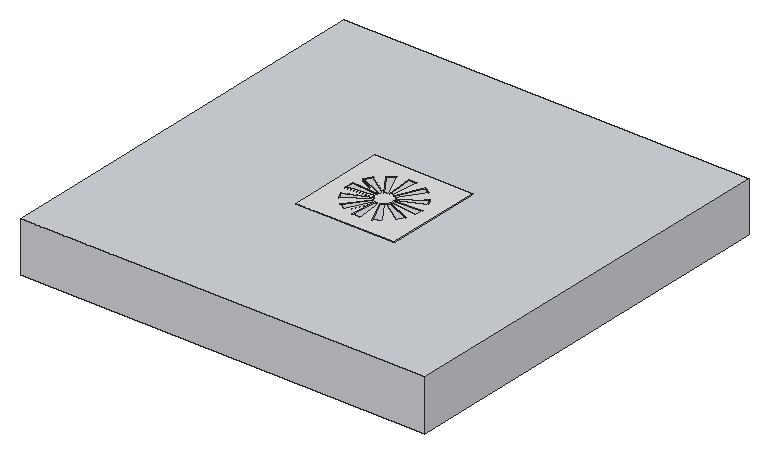
Revit family
Parameters (values of type "595*595_12")
  Width = 595.00 mm
  Void Radius = Blade Offset + 82.01 mm  # 132.26 mm
  URL = "http://www.productspec.net/products/29967/holyoake-industries/ceiling-radial-swirl-diffuser-cfp.aspx"
  Type Comments = "Ceiling Radial Swirl Diffuser"  # constant formula
  Square = yes
  Radius = 250.00 mm
  Face Thickness = 8.00 mm  # constant formula
  Model = "CFP 595*595 12 Blade"
  Manufacturer = "Holyoake Industries Ltd"  # constant formula
  Length = 595.00 mm
  Engineering Data = ""
  Diffuser [instance] = Aluminium - Holyoake
  Description = "Designed to provide high quality indoor air diffusion. Constructed with swirl deflection blades that produce a highly turbulent radial airflow pattern."  # constant formula
  Default Elevation = 0.00 mm
  Created By = "Productspec Ltd"  # constant formula
  Circular = not(Square)  # no
  Blade Offset = 50.25 mm
  Blade Number = 12
  Blade Notes [instance] = "Blades are only avaliable in white or black."  # constant formula
  Blade [instance] = Plastic - Holyoake - Black
  Author = "Zinder Zhao"  # constant formula
  Air Flow [instance] = 0 CFM
Types (10, lengths in mm): name | Width | Void Radius | Square | Radius | Model | Length | Circular | Blade Offset | Blade Number | Blade
  (no name) | 595.00 | 132.26 | yes | 250.00 | "CFP 595*595 12 Blade" | 595.00 | no | 50.25 | 12 | Plastic - Holyoake - Black
  595*595_24 | 595.00 | 192.51 | yes | 250.00 | "CFP 595*595 24 Blade" | 595.00 | no | 110.50 | 24 | Plastic - Holyoake - Black
  500 Diameter_8 | 500.00 | 114.51 | no | 250.00 | "CFP 500 Diameter 8 Blade" | 500.00 | yes | 32.50 | 8 | Plastic - Holyoake - White
  595*595_20 | 595.00 | 172.76 | yes | 250.00 | "CFP 595*595 20 Blade" | 595.00 | no | 90.75 | 20 | Plastic - Holyoake - White
  595*595_12 | 595.00 | 132.26 | yes | 250.00 | "CFP 595*595 12 Blade" | 595.00 | no | 50.25 | 12 | Plastic - Holyoake - Black
  495*495_12 | 495.00 | 132.01 | yes | 250.00 | "CFP 495*495 12 Blade" | 495.00 | no | 50.00 | 12 | Plastic - Holyoake - White
  495*495_8 | 495.00 | 114.51 | yes | 250.00 | "CFP 495*495 8 Blade" | 495.00 | no | 32.50 | 8 | Plastic - Holyoake - Black
  445*445_12 | 445.00 | 130.01 | yes | 250.00 | "CFP 445*445 12 Blade" | 445.00 | no | 48.00 | 12 | Plastic - Holyoake - White
  445*445_8 | 445.00 | 114.51 | yes | 250.00 | "CFP 445*445 8 Blade" | 445.00 | no | 32.50 | 8 | Plastic - Holyoake - Black
  615 Diameter_20 | 615.00 | 172.76 | no | 307.50 | "CFP 615 Diameter 20 Blade" | 615.00 | yes | 90.75 | 20 | Plastic - Holyoake - White
Reference planes
  plane 1 "Center (Front/Back)": y = 0
  plane 2: z = 0
  plane 3 "Center (Left/Right)": x = 0
  plane 4 "Right": x = 297.5
  plane 5 "Left": x = -297.5
  plane 6 "d": y = 297.5
  plane 7 "a": y = -297.5
  plane 8 "Back": z = -8
  plane 9 "c": y = 50.25
  plane 10 "b": y = -50.25
Forms (mm)
  Extrusion 1, solid
    sketch origin (0, 0, 0) x (1, 0, 0) y (0, 1, 0)
      loop
        line (-1219.2, 1219.2) -> (-1219.2, -1219.2) -> (1219.2, -1219.2) -> (1219.2, 1219.2) -> (-1219.2, 1219.2)
    from 0 to -304.8
  Extrusion 2, solid, material "Aluminium - Holyoake" <- "Diffuser", visible <- "Square"
    sketch origin (0, 0, 0) x (1, 0, 0) y (0, 1, 0)
      loop
        line (-297.5, 297.5) -> (-297.5, -297.5) -> (297.5, -297.5) -> (297.5, 297.5) -> (-297.5, 297.5)
    from -8 to 0
  Extrusion 3, solid, material "Aluminium - Holyoake" <- "Diffuser", visible <- "Circular"
    sketch origin (0, 0, 0) x (1, 0, 0) y (0, 1, 0)
      loop
        circle (0, 0) r 250
    from -8 to 0
  Extrusion 4, void
    sketch origin (0.023, 2.25, 0) x (1, 0, 0) y (0, 1, 0)
      loop
        line (26.169, 210) -> (-23.511, 210) -> (-9.546, 50) -> (12.545, 50) -> (26.169, 210)
    from -8 to 0
  Extrusion 5, void
    sketch origin (1.145, 1.937, 0) x (0.866025, -0.5, 0) y (0.5, 0.866025, 0)
      loop
        line (26.169, 210) -> (-23.511, 210) -> (-9.546, 50) -> (12.545, 50) -> (26.169, 210)
    from -8 to 0
  Extrusion 6, void
    sketch origin (-1.105, 1.96, 0) x (0.866025, 0.5, 0) y (-0.5, 0.866025, 0)
      loop
        line (26.169, 210) -> (-23.511, 210) -> (-9.546, 50) -> (12.545, 50) -> (26.169, 210)
    from -8 to 0
  Extrusion 7, void
    sketch origin (-1.937, 1.145, 0) x (0.5, 0.866025, 0) y (-0.866025, 0.5, 0)
      loop
        line (26.169, 210) -> (-23.511, 210) -> (-9.546, 50) -> (12.545, 50) -> (26.169, 210)
    from -8 to 0
  Extrusion 8, void
    sketch origin (-2.25, 0.023, 0) x (0, 1, 0) y (-1, 0, 0)
      loop
        line (26.169, 210) -> (-23.511, 210) -> (-9.546, 50) -> (12.545, 50) -> (26.169, 210)
    from -8 to 0
  Extrusion 9, void
    sketch origin (-1.96, -1.105, 0) x (-0.5, 0.866025, 0) y (-0.866025, -0.5, 0)
      loop
        line (26.169, 210) -> (-23.511, 210) -> (-9.546, 50) -> (12.545, 50) -> (26.169, 210)
    from -8 to 0
  Extrusion 10, void
    sketch origin (-1.145, -1.937, 0) x (-0.866025, 0.5, 0) y (-0.5, -0.866025, 0)
      loop
        line (26.169, 210) -> (-23.511, 210) -> (-9.546, 50) -> (12.545, 50) -> (26.169, 210)
    from -8 to 0
  Extrusion 11, void
    sketch origin (-0.023, -2.25, 0) x (-1, 0, 0) y (0, -1, 0)
      loop
        line (26.169, 210) -> (-23.511, 210) -> (-9.546, 50) -> (12.545, 50) -> (26.169, 210)
    from -8 to 0
  Extrusion 12, void
    sketch origin (1.105, -1.96, 0) x (-0.866025, -0.5, 0) y (0.5, -0.866025, 0)
      loop
        line (26.169, 210) -> (-23.511, 210) -> (-9.546, 50) -> (12.545, 50) -> (26.169, 210)
    from -8 to 0
  Extrusion 13, void
    sketch origin (1.937, -1.145, 0) x (-0.5, -0.866025, 0) y (0.866025, -0.5, 0)
      loop
        line (26.169, 210) -> (-23.511, 210) -> (-9.546, 50) -> (12.545, 50) -> (26.169, 210)
    from -8 to 0
  Extrusion 14, void
    sketch origin (2.25, -0.023, 0) x (0, -1, 0) y (1, 0, 0)
      loop
        line (26.169, 210) -> (-23.511, 210) -> (-9.546, 50) -> (12.545, 50) -> (26.169, 210)
    from -8 to 0
  Extrusion 15, void
    sketch origin (1.96, 1.105, 0) x (0.5, -0.866025, 0) y (0.866025, 0.5, 0)
      loop
        line (26.169, 210) -> (-23.511, 210) -> (-9.546, 50) -> (12.545, 50) -> (26.169, 210)
    from -8 to 0
Cuts and joins
  Extrusion 4, Extrusion 5, Extrusion 6, Extrusion 7, Extrusion 8, Extrusion 9, Extrusion 10, Extrusion 11, Extrusion 12, Extrusion 13, Extrusion 14, Extrusion 15 cuts Extrusion 2
  Extrusion 4, Extrusion 5, Extrusion 6, Extrusion 7, Extrusion 8, Extrusion 9, Extrusion 10, Extrusion 11, Extrusion 12, Extrusion 13, Extrusion 14, Extrusion 15 cuts Extrusion 3
Dimensions and locks
  equal spacing: plane 7 "a", plane 1 "Center (Front/Back)", plane 6 "d"
  "Width": plane 7 "a" to plane 6 "d"
  equal spacing: plane 5 "Left", plane 3 "Center (Left/Right)", plane 4 "Right"
  "Length": plane 5 "Left" to plane 4 "Right"
  equal spacing: plane 10 "b", plane 1 "Center (Front/Back)", plane 9 "c"
  "Face Thickness": plane 2 to plane 8 "Back"
  "Blade Offset": plane 1 "Center (Front/Back)" to plane 9 "c"
  "Blade Offset": plane 10 "b" to plane 1 "Center (Front/Back)"
  "Radius": radius of Extrusion 3 sketch curve
  "Void Radius": radius of radial array
  aligned and locked: plane 2 to Extrusion 1
  aligned and locked: level to Extrusion 1
  aligned and locked: plane 5 "Left" to Extrusion 2 sketch curve  (x2)
  aligned and locked: plane 6 "d" to Extrusion 2 sketch curve
  aligned and locked: Extrusion 2 sketch curve to plane 4 "Right"
  aligned and locked: Extrusion 2 sketch curve to plane 7 "a"
Automatic sketch dimensions
  Extrusion 1 sketch curve to Extrusion 1 sketch curve = 2438.40 mm  (x2)
  Extrusion 3 sketch curve to plane 1 "Center (Front/Back)" = 0.00 mm
  Extrusion 3 sketch curve to plane 3 "Center (Left/Right)" = 0.00 mm
  Extrusion 4 sketch curve to Extrusion 4 sketch curve = 13.965 mm
  Extrusion 4 sketch curve to Extrusion 4 sketch curve = 22.091 mm
  Extrusion 4 sketch curve to Extrusion 4 sketch curve = 49.681 mm
  Extrusion 4 sketch curve to Extrusion 4 sketch curve = 160.00 mm
  Extrusion 5 sketch curve to Extrusion 5 sketch curve = 13.965 mm
  Extrusion 5 sketch curve to Extrusion 5 sketch curve = 22.091 mm
  Extrusion 5 sketch curve to Extrusion 5 sketch curve = 49.681 mm
  Extrusion 5 sketch curve to Extrusion 5 sketch curve = 160.00 mm
  Extrusion 6 sketch curve to Extrusion 6 sketch curve = 13.965 mm
  Extrusion 6 sketch curve to Extrusion 6 sketch curve = 22.091 mm
  Extrusion 6 sketch curve to Extrusion 6 sketch curve = 49.681 mm
  Extrusion 6 sketch curve to Extrusion 6 sketch curve = 160.00 mm
  Extrusion 7 sketch curve to Extrusion 7 sketch curve = 13.965 mm
  Extrusion 7 sketch curve to Extrusion 7 sketch curve = 22.091 mm
  Extrusion 7 sketch curve to Extrusion 7 sketch curve = 49.681 mm
  Extrusion 7 sketch curve to Extrusion 7 sketch curve = 160.00 mm
  Extrusion 8 sketch curve to Extrusion 8 sketch curve = 13.965 mm
  Extrusion 8 sketch curve to Extrusion 8 sketch curve = 22.091 mm
  Extrusion 8 sketch curve to Extrusion 8 sketch curve = 49.681 mm
  Extrusion 8 sketch curve to Extrusion 8 sketch curve = 160.00 mm
  Extrusion 9 sketch curve to Extrusion 9 sketch curve = 13.965 mm
  Extrusion 9 sketch curve to Extrusion 9 sketch curve = 22.091 mm
  Extrusion 9 sketch curve to Extrusion 9 sketch curve = 49.681 mm
  Extrusion 9 sketch curve to Extrusion 9 sketch curve = 160.00 mm
  Extrusion 10 sketch curve to Extrusion 10 sketch curve = 13.965 mm
  Extrusion 10 sketch curve to Extrusion 10 sketch curve = 22.091 mm
  Extrusion 10 sketch curve to Extrusion 10 sketch curve = 49.681 mm
  Extrusion 10 sketch curve to Extrusion 10 sketch curve = 160.00 mm
  Extrusion 11 sketch curve to Extrusion 11 sketch curve = 13.965 mm
  Extrusion 11 sketch curve to Extrusion 11 sketch curve = 22.091 mm
  Extrusion 11 sketch curve to Extrusion 11 sketch curve = 49.681 mm
  Extrusion 11 sketch curve to Extrusion 11 sketch curve = 160.00 mm
  Extrusion 12 sketch curve to Extrusion 12 sketch curve = 13.965 mm
  Extrusion 12 sketch curve to Extrusion 12 sketch curve = 22.091 mm
  Extrusion 12 sketch curve to Extrusion 12 sketch curve = 49.681 mm
  Extrusion 12 sketch curve to Extrusion 12 sketch curve = 160.00 mm
  Extrusion 13 sketch curve to Extrusion 13 sketch curve = 13.965 mm
  Extrusion 13 sketch curve to Extrusion 13 sketch curve = 22.091 mm
  Extrusion 13 sketch curve to Extrusion 13 sketch curve = 49.681 mm
  Extrusion 13 sketch curve to Extrusion 13 sketch curve = 160.00 mm
  Extrusion 14 sketch curve to Extrusion 14 sketch curve = 13.965 mm
  Extrusion 14 sketch curve to Extrusion 14 sketch curve = 22.091 mm
  Extrusion 14 sketch curve to Extrusion 14 sketch curve = 49.681 mm
  Extrusion 14 sketch curve to Extrusion 14 sketch curve = 160.00 mm
  Extrusion 15 sketch curve to Extrusion 15 sketch curve = 13.965 mm
  Extrusion 15 sketch curve to Extrusion 15 sketch curve = 22.091 mm
  Extrusion 15 sketch curve to Extrusion 15 sketch curve = 49.681 mm
  Extrusion 15 sketch curve to Extrusion 15 sketch curve = 160.00 mm
Nested families
  nested 1: "Holyoake_CeilingDiffuser_CFP_Blade" at (0, 132.25, -8), Blade <- "Blade", type "CFP Blade", detail levels medium+fine
    with Blade Plastic - Holyoake - Black
  nested 2: "Holyoake_CeilingDiffuser_CFP_Blade" at (66.125, 114.532, -8) x (0.866, -0.5, 0) z (0, 0, 1), Blade <- "Blade", type "CFP Blade", detail levels medium+fine
    with Blade Plastic - Holyoake - Black
  nested 3: "Holyoake_CeilingDiffuser_CFP_Blade" at (-66.125, 114.532, -8) x (0.866, 0.5, 0) z (0, 0, 1), Blade <- "Blade", type "CFP Blade", detail levels medium+fine
    with Blade Plastic - Holyoake - Black
  nested 4: "Holyoake_CeilingDiffuser_CFP_Blade" at (-114.532, 66.125, -8) x (0.5, 0.866, 0) z (0, 0, 1), Blade <- "Blade", type "CFP Blade", detail levels medium+fine
    with Blade Plastic - Holyoake - Black
  nested 5: "Holyoake_CeilingDiffuser_CFP_Blade" at (-132.25, 0, -8) x (0, 1, 0) z (0, 0, 1), Blade <- "Blade", type "CFP Blade", detail levels medium+fine
    with Blade Plastic - Holyoake - Black
  nested 6: "Holyoake_CeilingDiffuser_CFP_Blade" at (-114.532, -66.125, -8) x (-0.5, 0.866, 0) z (0, 0, 1), Blade <- "Blade", type "CFP Blade", detail levels medium+fine
    with Blade Plastic - Holyoake - Black
  nested 7: "Holyoake_CeilingDiffuser_CFP_Blade" at (-66.125, -114.532, -8) x (-0.866, 0.5, 0) z (0, 0, 1), Blade <- "Blade", type "CFP Blade", detail levels medium+fine
    with Blade Plastic - Holyoake - Black
  nested 8: "Holyoake_CeilingDiffuser_CFP_Blade" at (0, -132.25, -8) x (-1, 0, 0) z (0, 0, 1), Blade <- "Blade", type "CFP Blade", detail levels medium+fine
    with Blade Plastic - Holyoake - Black
  nested 9: "Holyoake_CeilingDiffuser_CFP_Blade" at (66.125, -114.532, -8) x (-0.866, -0.5, 0) z (0, 0, 1), Blade <- "Blade", type "CFP Blade", detail levels medium+fine
    with Blade Plastic - Holyoake - Black
  nested 10: "Holyoake_CeilingDiffuser_CFP_Blade" at (114.532, -66.125, -8) x (-0.5, -0.866, 0) z (0, 0, 1), Blade <- "Blade", type "CFP Blade", detail levels medium+fine
    with Blade Plastic - Holyoake - Black
  nested 11: "Holyoake_CeilingDiffuser_CFP_Blade" at (132.25, 0, -8) x (0, -1, 0) z (0, 0, 1), Blade <- "Blade", type "CFP Blade", detail levels medium+fine
    with Blade Plastic - Holyoake - Black
  nested 12: "Holyoake_CeilingDiffuser_CFP_Blade" at (114.532, 66.125, -8) x (0.5, -0.866, 0) z (0, 0, 1), Blade <- "Blade", type "CFP Blade", detail levels medium+fine
    with Blade Plastic - Holyoake - Black
Connectors
  hvac at (0, 0, -8), driven by "Radius"
    settings: on Extrusion 3, index 2
  hvac at (0, 0, -8), driven by "Width", driven by "Length"
    settings: on cut or joined group of Extrusion 2, Extrusion 4, Extrusion 5, Extrusion 6, Extrusion 7, Extrusion 8, Extrusion 9, Extrusion 10, Extrusion 11, Extrusion 12, Extrusion 13, Extrusion 14, Extrusion 15, index 3
Definition of nested family "Holyoake_CeilingDiffuser_CFP_Blade"
  Parameters (values of type "CFP Blade")
    Blade Offset = 140.00 mm
    Blade Length = 164.00 mm  # constant formula
    Blade [instance] = none
    Assembly Code = ""
  Reference planes
    plane 1 "Center (Front/Back)": y = 0
    plane 2: z = 0
    plane 3 "Center (Left/Right)": x = 0
    plane 4: y = 82
    plane 5: y = -82
    plane 6: y = 80
    plane 7: y = -80
    plane 8: y = -222
  Forms (mm)
    SweptBlend 1, solid, material <- "Blade"
      path origin (0, 0, 0) x (-1, 0, 0) y (0, -1, 0)
        loop
          line (0, -82) -> (0, 82)
      profile origin (0, 82, 0) x (1, 0, 0) y (0, 0, 1)
        loop
          line (-26.34, 0) -> (26.34, -52.679) -> (26.34, 0) -> (-26.34, 0)
      end profile origin (0, -82, 0) x (1, 0, 0) y (0, 0, 1)
        loop
          line (-12.374, 0) -> (12.374, -24.749) -> (12.374, 0) -> (-12.374, 0)
    SweptBlend 2, void
      path origin (0, 0, 0) x (-1, 0, 0) y (0, -1, 0)
        loop
          line (0, -80) -> (0, 80)
      profile origin (0, 80, 0) x (1, 0, 0) y (0, 0, 1)
        loop
          line (28.34, -51.851) -> (28.34, 2) -> (-25.511, 2) -> (28.34, -51.851)
      end profile origin (0, -80, 0) x (1, 0, 0) y (0, 0, 1)
        loop
          line (14.374, -23.92) -> (14.374, 2) -> (-11.546, 2) -> (14.374, -23.92)
  Cuts and joins
    SweptBlend 2 cuts SweptBlend 1
  Dimensions and locks
    equal spacing: plane 5, plane 1 "Center (Front/Back)", plane 4
    "Blade Length": plane 4 to plane 5
    locked: plane 7 to plane 5 at 2
    locked: plane 4 to plane 6 at 2
    "Blade Offset": plane 5 to plane 8
  Automatic sketch dimensions
    SweptBlend 1 sketch curve to plane 3 "Center (Left/Right)" = 0.00 mm
    SweptBlend 1 sketch curve to plane 4 = 0.00 mm
    SweptBlend 1 sketch curve to plane 5 = 0.00 mm
    SweptBlend 1 sketch curve to profile plane = 0.00 mm  (x2)
    profile plane to SweptBlend 1 sketch curve = 26.34 mm
    SweptBlend 1 sketch curve to profile plane = 26.34 mm
    SweptBlend 1 sketch curve to profile plane = 52.679 mm
    profile plane to SweptBlend 1 sketch curve = 12.374 mm
    SweptBlend 1 sketch curve to profile plane = 12.374 mm
    SweptBlend 1 sketch curve to profile plane = 24.749 mm
    SweptBlend 2 sketch curve to plane 3 "Center (Left/Right)" = 0.00 mm
    SweptBlend 2 sketch curve to plane 6 = 0.00 mm
    SweptBlend 2 sketch curve to plane 7 = 0.00 mm
    profile plane to SweptBlend 2 sketch curve = 2.00 mm  (x2)
    profile plane to SweptBlend 2 sketch curve = 25.511 mm
    SweptBlend 2 sketch curve to profile plane = 28.34 mm
    SweptBlend 2 sketch curve to profile plane = 51.851 mm
    profile plane to SweptBlend 2 sketch curve = 11.546 mm
    SweptBlend 2 sketch curve to profile plane = 14.374 mm
    SweptBlend 2 sketch curve to profile plane = 23.92 mm
